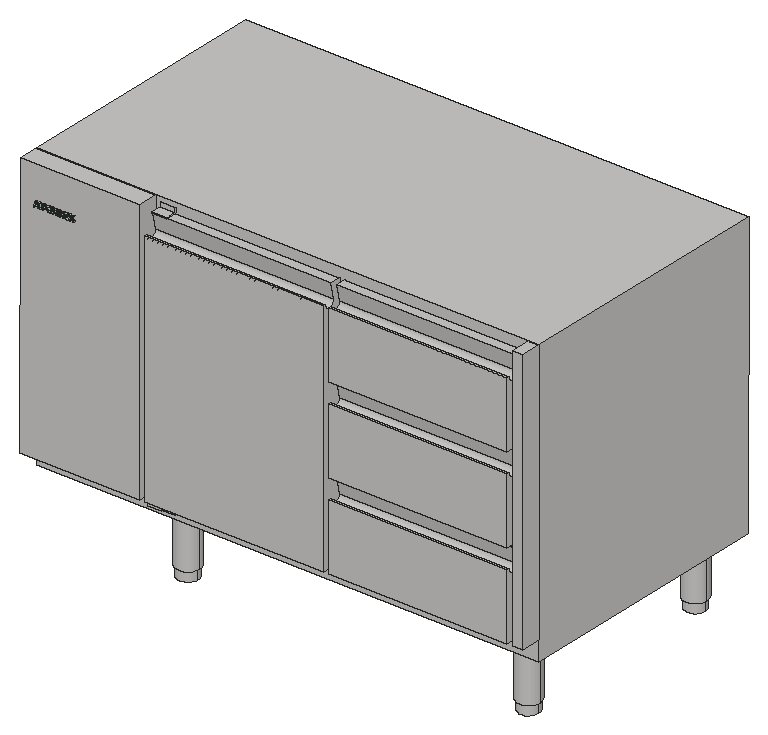
Revit family "QF_ALPENINOX_721024_AK2R7AC", category Attrezzature speciali, Revit 2018 (continued)
Definition of nested family "HPC_APX_BI_TN_L"
  Lines and regions (mm)
    Split face 120
      outline origin (110, -951.3, 50) x (1, 0, 0) y (0, 1, 0)
        loop
          arc (-176.464, 599.474) -> (-172.464, 603.474) -> (-176.464, 607.474) r 4
          line (-176.464, 607.474) -> (-218.464, 607.474)
    Split face 121
      outline origin (220, -951.3, 50) x (1, 0, 0) y (0, 1, 0)
        loop
          arc (-273.464, 607.474) -> (-277.464, 603.474) -> (-273.464, 599.474) r 4
          line (-273.464, 599.474) -> (-231.464, 599.474)
          arc (-231.464, 599.474) -> (-227.464, 603.474) -> (-231.464, 607.474) r 4
          line (-231.464, 607.474) -> (-273.464, 607.474)
    Split face 122
      outline origin (0, -975.3, 50) x (1, 0, 0) y (0, 1, 0)
        loop
          arc (-163.464, 619.474) -> (-167.464, 615.474) -> (-163.464, 611.474) r 4
          line (-163.464, 611.474) -> (-121.464, 611.474)
          arc (-121.464, 611.474) -> (-117.464, 615.474) -> (-121.464, 619.474) r 4
          line (-121.464, 619.474) -> (-163.464, 619.474)
    Split face 123
      outline origin (330, -975.3, 50) x (1, 0, 0) y (0, 1, 0)
        loop
          arc (-328.464, 619.474) -> (-332.464, 615.474) -> (-328.464, 611.474) r 4
          line (-328.464, 611.474) -> (-286.464, 611.474)
          arc (-286.464, 611.474) -> (-282.464, 615.474) -> (-286.464, 619.474) r 4
          line (-286.464, 619.474) -> (-328.464, 619.474)
    Split face 124
      outline origin (110, -975.3, 50) x (1, 0, 0) y (0, 1, 0)
        loop
          arc (-218.464, 619.474) -> (-222.464, 615.474) -> (-218.464, 611.474) r 4
          line (-218.464, 611.474) -> (-176.464, 611.474)
          arc (-176.464, 611.474) -> (-172.464, 615.474) -> (-176.464, 619.474) r 4
          line (-176.464, 619.474) -> (-218.464, 619.474)
    Split face 125
      outline origin (220, -975.3, 50) x (1, 0, 0) y (0, 1, 0)
        loop
          arc (-273.464, 619.474) -> (-277.464, 615.474) -> (-273.464, 611.474) r 4
          line (-273.464, 611.474) -> (-231.464, 611.474)
          arc (-231.464, 611.474) -> (-227.464, 615.474) -> (-231.464, 619.474) r 4
          line (-231.464, 619.474) -> (-273.464, 619.474)
    Split face 126
      outline origin (0, -999.3, 50) x (1, 0, 0) y (0, 1, 0)
        loop
          arc (-163.464, 631.474) -> (-167.464, 627.474) -> (-163.464, 623.474) r 4
          line (-163.464, 623.474) -> (-121.464, 623.474)
          arc (-121.464, 623.474) -> (-117.464, 627.474) -> (-121.464, 631.474) r 4
          line (-121.464, 631.474) -> (-163.464, 631.474)
    Split face 127
      outline origin (330, -999.3, 50) x (1, 0, 0) y (0, 1, 0)
        loop
          arc (-328.464, 631.474) -> (-332.464, 627.474) -> (-328.464, 623.474) r 4
          line (-328.464, 623.474) -> (-286.464, 623.474)
          arc (-286.464, 623.474) -> (-282.464, 627.474) -> (-286.464, 631.474) r 4
          line (-286.464, 631.474) -> (-328.464, 631.474)
    Split face 128
      outline origin (110, -999.3, 50) x (1, 0, 0) y (0, 1, 0)
        loop
          arc (-218.464, 631.474) -> (-222.464, 627.474) -> (-218.464, 623.474) r 4
          line (-218.464, 623.474) -> (-176.464, 623.474)
          arc (-176.464, 623.474) -> (-172.464, 627.474) -> (-176.464, 631.474) r 4
          line (-176.464, 631.474) -> (-218.464, 631.474)
    Split face 129
      outline origin (220, -999.3, 50) x (1, 0, 0) y (0, 1, 0)
        loop
          arc (-273.464, 631.474) -> (-277.464, 627.474) -> (-273.464, 623.474) r 4
          line (-273.464, 623.474) -> (-231.464, 623.474)
          arc (-231.464, 623.474) -> (-227.464, 627.474) -> (-231.464, 631.474) r 4
          line (-231.464, 631.474) -> (-273.464, 631.474)
    Split face 130
      outline origin (0, -1023.3, 50) x (1, 0, 0) y (0, 1, 0)
        loop
          arc (-163.464, 643.474) -> (-167.464, 639.474) -> (-163.464, 635.474) r 4
          line (-163.464, 635.474) -> (-121.464, 635.474)
          arc (-121.464, 635.474) -> (-117.464, 639.474) -> (-121.464, 643.474) r 4
          line (-121.464, 643.474) -> (-163.464, 643.474)
    Split face 131
      outline origin (330, -1023.3, 50) x (1, 0, 0) y (0, 1, 0)
        loop
          arc (-328.464, 643.474) -> (-332.464, 639.474) -> (-328.464, 635.474) r 4
          line (-328.464, 635.474) -> (-286.464, 635.474)
          arc (-286.464, 635.474) -> (-282.464, 639.474) -> (-286.464, 643.474) r 4
          line (-286.464, 643.474) -> (-328.464, 643.474)
    Split face 132
      outline origin (110, -1023.3, 50) x (1, 0, 0) y (0, 1, 0)
        loop
          arc (-218.464, 643.474) -> (-222.464, 639.474) -> (-218.464, 635.474) r 4
          line (-218.464, 635.474) -> (-176.464, 635.474)
          arc (-176.464, 635.474) -> (-172.464, 639.474) -> (-176.464, 643.474) r 4
          line (-176.464, 643.474) -> (-218.464, 643.474)
    Split face 133
      outline origin (220, -1023.3, 50) x (1, 0, 0) y (0, 1, 0)
        loop
          arc (-273.464, 643.474) -> (-277.464, 639.474) -> (-273.464, 635.474) r 4
          line (-273.464, 635.474) -> (-231.464, 635.474)
          arc (-231.464, 635.474) -> (-227.464, 639.474) -> (-231.464, 643.474) r 4
          line (-231.464, 643.474) -> (-273.464, 643.474)
    symbolic lines
      curve 1: line (87.08, -74, 50) -> (87.08, -74, 0)
  Dimensions and locks
    equal spacing: plane 6, plane 1 "Center (Front/Back)", plane 7
    equal spacing: plane 4, plane 3 "Center (Left/Right)", plane 5
    aligned and locked: plane 2 to Extrusion 1
    aligned and locked: level to Extrusion 1
  Automatic sketch dimensions
    Split face 5 sketch curve to Split face 5 sketch curve = 42 mm
    Split face 5 sketch curve to Split face 5 sketch curve = 4 mm
    Split face 6 sketch curve to Split face 6 sketch curve = 42 mm
    Split face 6 sketch curve to Split face 6 sketch curve = 4 mm
    Split face 7 sketch curve to Split face 7 sketch curve = 42 mm
    Split face 7 sketch curve to Split face 7 sketch curve = 4 mm
    Split face 8 sketch curve to Split face 8 sketch curve = 42 mm
    Split face 8 sketch curve to Split face 8 sketch curve = 4 mm
    Split face 9 sketch curve to Split face 9 sketch curve = 42 mm
    Split face 9 sketch curve to Split face 9 sketch curve = 4 mm
    Split face 10 sketch curve to Split face 10 sketch curve = 42 mm
    Split face 10 sketch curve to Split face 10 sketch curve = 4 mm
    Split face 11 sketch curve to Split face 11 sketch curve = 42 mm
    Split face 11 sketch curve to Split face 11 sketch curve = 4 mm
    Split face 12 sketch curve to Split face 12 sketch curve = 42 mm
    Split face 12 sketch curve to Split face 12 sketch curve = 4 mm
    Split face 13 sketch curve to Split face 13 sketch curve = 42 mm
    Split face 13 sketch curve to Split face 13 sketch curve = 4 mm
    Split face 14 sketch curve to Split face 14 sketch curve = 42 mm
    Split face 14 sketch curve to Split face 14 sketch curve = 4 mm
    Split face 15 sketch curve to Split face 15 sketch curve = 42 mm
    Split face 15 sketch curve to Split face 15 sketch curve = 4 mm
    Split face 16 sketch curve to Split face 16 sketch curve = 42 mm
    Split face 16 sketch curve to Split face 16 sketch curve = 4 mm
    Split face 17 sketch curve to Split face 17 sketch curve = 42 mm
    Split face 17 sketch curve to Split face 17 sketch curve = 4 mm
    Split face 18 sketch curve to Split face 18 sketch curve = 42 mm
    Split face 18 sketch curve to Split face 18 sketch curve = 4 mm
    Split face 19 sketch curve to Split face 19 sketch curve = 42 mm
    Split face 19 sketch curve to Split face 19 sketch curve = 4 mm
    Split face 20 sketch curve to Split face 20 sketch curve = 42 mm
    Split face 20 sketch curve to Split face 20 sketch curve = 4 mm
    Split face 21 sketch curve to Split face 21 sketch curve = 42 mm
    Split face 21 sketch curve to Split face 21 sketch curve = 4 mm
    Split face 22 sketch curve to Split face 22 sketch curve = 42 mm
    Split face 22 sketch curve to Split face 22 sketch curve = 4 mm
    Split face 23 sketch curve to Split face 23 sketch curve = 42 mm
    Split face 23 sketch curve to Split face 23 sketch curve = 4 mm
    Split face 24 sketch curve to Split face 24 sketch curve = 42 mm
    Split face 24 sketch curve to Split face 24 sketch curve = 4 mm
    Split face 25 sketch curve to Split face 25 sketch curve = 42 mm
    Split face 25 sketch curve to Split face 25 sketch curve = 4 mm
    Split face 26 sketch curve to Split face 26 sketch curve = 42 mm
    Split face 26 sketch curve to Split face 26 sketch curve = 4 mm
    Split face 27 sketch curve to Split face 27 sketch curve = 42 mm
    Split face 27 sketch curve to Split face 27 sketch curve = 4 mm
    Split face 28 sketch curve to Split face 28 sketch curve = 42 mm
    Split face 28 sketch curve to Split face 28 sketch curve = 4 mm
    Split face 29 sketch curve to Split face 29 sketch curve = 42 mm
    Split face 29 sketch curve to Split face 29 sketch curve = 4 mm
    Split face 30 sketch curve to Split face 30 sketch curve = 42 mm
    Split face 30 sketch curve to Split face 30 sketch curve = 4 mm
    Split face 31 sketch curve to Split face 31 sketch curve = 42 mm
    Split face 31 sketch curve to Split face 31 sketch curve = 4 mm
    Split face 32 sketch curve to Split face 32 sketch curve = 42 mm
    Split face 32 sketch curve to Split face 32 sketch curve = 4 mm
    Split face 33 sketch curve to Split face 33 sketch curve = 42 mm
    Split face 33 sketch curve to Split face 33 sketch curve = 4 mm
    Split face 34 sketch curve to Split face 34 sketch curve = 42 mm
    Split face 34 sketch curve to Split face 34 sketch curve = 4 mm
    Split face 35 sketch curve to Split face 35 sketch curve = 42 mm
    Split face 35 sketch curve to Split face 35 sketch curve = 4 mm
    Split face 36 sketch curve to Split face 36 sketch curve = 42 mm
    Split face 36 sketch curve to Split face 36 sketch curve = 4 mm
    Split face 37 sketch curve to Split face 37 sketch curve = 42 mm
    Split face 37 sketch curve to Split face 37 sketch curve = 4 mm
    Split face 38 sketch curve to Split face 38 sketch curve = 42 mm
    Split face 38 sketch curve to Split face 38 sketch curve = 4 mm
    Split face 39 sketch curve to Split face 39 sketch curve = 42 mm
    Split face 39 sketch curve to Split face 39 sketch curve = 4 mm
    Split face 40 sketch curve to Split face 40 sketch curve = 42 mm
    Split face 40 sketch curve to Split face 40 sketch curve = 4 mm
    Split face 41 sketch curve to Split face 41 sketch curve = 42 mm
    Split face 41 sketch curve to Split face 41 sketch curve = 4 mm
    Split face 42 sketch curve to Split face 42 sketch curve = 42 mm
    Split face 42 sketch curve to Split face 42 sketch curve = 4 mm
    Split face 43 sketch curve to Split face 43 sketch curve = 42 mm
    Split face 43 sketch curve to Split face 43 sketch curve = 4 mm
    Split face 44 sketch curve to Split face 44 sketch curve = 42 mm
    Split face 44 sketch curve to Split face 44 sketch curve = 4 mm
    Split face 45 sketch curve to Split face 45 sketch curve = 42 mm
    Split face 45 sketch curve to Split face 45 sketch curve = 4 mm
    Split face 46 sketch curve to Split face 46 sketch curve = 42 mm
    Split face 46 sketch curve to Split face 46 sketch curve = 4 mm
    Split face 47 sketch curve to Split face 47 sketch curve = 42 mm
    Split face 47 sketch curve to Split face 47 sketch curve = 4 mm
    Split face 48 sketch curve to Split face 48 sketch curve = 42 mm
    Split face 48 sketch curve to Split face 48 sketch curve = 4 mm
    Split face 49 sketch curve to Split face 49 sketch curve = 42 mm
    Split face 49 sketch curve to Split face 49 sketch curve = 4 mm
    Split face 50 sketch curve to Split face 50 sketch curve = 42 mm
    Split face 50 sketch curve to Split face 50 sketch curve = 4 mm
    Split face 51 sketch curve to Split face 51 sketch curve = 42 mm
    Split face 51 sketch curve to Split face 51 sketch curve = 4 mm
    Split face 52 sketch curve to Split face 52 sketch curve = 42 mm
    Split face 52 sketch curve to Split face 52 sketch curve = 4 mm
    Split face 53 sketch curve to Split face 53 sketch curve = 42 mm
    Split face 53 sketch curve to Split face 53 sketch curve = 4 mm
    Split face 54 sketch curve to Split face 54 sketch curve = 42 mm
    Split face 54 sketch curve to Split face 54 sketch curve = 4 mm
    Split face 55 sketch curve to Split face 55 sketch curve = 42 mm
    Split face 55 sketch curve to Split face 55 sketch curve = 4 mm
    Split face 56 sketch curve to Split face 56 sketch curve = 42 mm
    Split face 56 sketch curve to Split face 56 sketch curve = 4 mm
    Split face 57 sketch curve to Split face 57 sketch curve = 42 mm
    Split face 57 sketch curve to Split face 57 sketch curve = 4 mm
    Split face 58 sketch curve to Split face 58 sketch curve = 42 mm
    Split face 58 sketch curve to Split face 58 sketch curve = 4 mm
    Split face 59 sketch curve to Split face 59 sketch curve = 42 mm
    Split face 59 sketch curve to Split face 59 sketch curve = 4 mm
    Split face 60 sketch curve to Split face 60 sketch curve = 42 mm
    Split face 60 sketch curve to Split face 60 sketch curve = 4 mm
    Split face 61 sketch curve to Split face 61 sketch curve = 42 mm
    Split face 61 sketch curve to Split face 61 sketch curve = 4 mm
    Split face 62 sketch curve to Split face 62 sketch curve = 42 mm
    Split face 62 sketch curve to Split face 62 sketch curve = 4 mm
    Split face 63 sketch curve to Split face 63 sketch curve = 42 mm
    Split face 63 sketch curve to Split face 63 sketch curve = 4 mm
    Split face 64 sketch curve to Split face 64 sketch curve = 42 mm
    Split face 64 sketch curve to Split face 64 sketch curve = 4 mm
    Split face 65 sketch curve to Split face 65 sketch curve = 42 mm
    Split face 65 sketch curve to Split face 65 sketch curve = 4 mm
    Split face 66 sketch curve to Split face 66 sketch curve = 42 mm
    Split face 66 sketch curve to Split face 66 sketch curve = 4 mm
    Split face 67 sketch curve to Split face 67 sketch curve = 42 mm
    Split face 67 sketch curve to Split face 67 sketch curve = 4 mm
    Split face 68 sketch curve to Split face 68 sketch curve = 42 mm
    Split face 68 sketch curve to Split face 68 sketch curve = 4 mm
    Split face 70 sketch curve to Split face 70 sketch curve = 42 mm
    Split face 70 sketch curve to Split face 70 sketch curve = 4 mm
    Split face 71 sketch curve to Split face 71 sketch curve = 42 mm
    Split face 71 sketch curve to Split face 71 sketch curve = 4 mm
    Split face 72 sketch curve to Split face 72 sketch curve = 42 mm
    Split face 72 sketch curve to Split face 72 sketch curve = 4 mm
    Split face 73 sketch curve to Split face 73 sketch curve = 42 mm
    Split face 73 sketch curve to Split face 73 sketch curve = 4 mm
    Split face 74 sketch curve to Split face 74 sketch curve = 42 mm
    Split face 74 sketch curve to Split face 74 sketch curve = 4 mm
    Split face 75 sketch curve to Split face 75 sketch curve = 42 mm
    Split face 75 sketch curve to Split face 75 sketch curve = 4 mm
    Split face 76 sketch curve to Split face 76 sketch curve = 42 mm
    Split face 76 sketch curve to Split face 76 sketch curve = 4 mm
    Split face 77 sketch curve to Split face 77 sketch curve = 42 mm
    Split face 77 sketch curve to Split face 77 sketch curve = 4 mm
    Split face 78 sketch curve to Split face 78 sketch curve = 42 mm
    Split face 78 sketch curve to Split face 78 sketch curve = 4 mm
    Split face 79 sketch curve to Split face 79 sketch curve = 42 mm
    Split face 79 sketch curve to Split face 79 sketch curve = 4 mm
    Split face 80 sketch curve to Split face 80 sketch curve = 42 mm
    Split face 80 sketch curve to Split face 80 sketch curve = 4 mm
    Split face 81 sketch curve to Split face 81 sketch curve = 42 mm
    Split face 81 sketch curve to Split face 81 sketch curve = 4 mm
    Split face 82 sketch curve to Split face 82 sketch curve = 42 mm
    Split face 82 sketch curve to Split face 82 sketch curve = 4 mm
    Split face 83 sketch curve to Split face 83 sketch curve = 42 mm
    Split face 83 sketch curve to Split face 83 sketch curve = 4 mm
    Split face 84 sketch curve to Split face 84 sketch curve = 42 mm
    Split face 84 sketch curve to Split face 84 sketch curve = 4 mm
    Split face 85 sketch curve to Split face 85 sketch curve = 42 mm
    Split face 85 sketch curve to Split face 85 sketch curve = 4 mm
    Split face 86 sketch curve to Split face 86 sketch curve = 42 mm
    Split face 86 sketch curve to Split face 86 sketch curve = 4 mm
    Split face 87 sketch curve to Split face 87 sketch curve = 42 mm
    Split face 87 sketch curve to Split face 87 sketch curve = 4 mm
    Split face 88 sketch curve to Split face 88 sketch curve = 42 mm
    Split face 88 sketch curve to Split face 88 sketch curve = 4 mm
    Split face 89 sketch curve to Split face 89 sketch curve = 42 mm
    Split face 89 sketch curve to Split face 89 sketch curve = 4 mm
    Split face 90 sketch curve to Split face 90 sketch curve = 42 mm
    Split face 90 sketch curve to Split face 90 sketch curve = 4 mm
    Split face 91 sketch curve to Split face 91 sketch curve = 42 mm
    Split face 91 sketch curve to Split face 91 sketch curve = 4 mm
    Split face 92 sketch curve to Split face 92 sketch curve = 42 mm
    Split face 92 sketch curve to Split face 92 sketch curve = 4 mm
    Split face 93 sketch curve to Split face 93 sketch curve = 42 mm
    Split face 93 sketch curve to Split face 93 sketch curve = 4 mm
    Split face 94 sketch curve to Split face 94 sketch curve = 42 mm
    Split face 94 sketch curve to Split face 94 sketch curve = 4 mm
    Split face 95 sketch curve to Split face 95 sketch curve = 42 mm
    Split face 95 sketch curve to Split face 95 sketch curve = 4 mm
    Split face 96 sketch curve to Split face 96 sketch curve = 42 mm
    Split face 96 sketch curve to Split face 96 sketch curve = 4 mm
    Split face 97 sketch curve to Split face 97 sketch curve = 42 mm
    Split face 97 sketch curve to Split face 97 sketch curve = 4 mm
    Split face 98 sketch curve to Split face 98 sketch curve = 42 mm
    Split face 98 sketch curve to Split face 98 sketch curve = 4 mm
    Split face 99 sketch curve to Split face 99 sketch curve = 42 mm
    Split face 99 sketch curve to Split face 99 sketch curve = 4 mm
    Split face 100 sketch curve to Split face 100 sketch curve = 42 mm
    Split face 100 sketch curve to Split face 100 sketch curve = 4 mm
    Split face 101 sketch curve to Split face 101 sketch curve = 42 mm
    Split face 101 sketch curve to Split face 101 sketch curve = 4 mm
    Split face 102 sketch curve to Split face 102 sketch curve = 42 mm
    Split face 102 sketch curve to Split face 102 sketch curve = 4 mm
    Split face 103 sketch curve to Split face 103 sketch curve = 42 mm
    Split face 103 sketch curve to Split face 103 sketch curve = 4 mm
    Split face 104 sketch curve to Split face 104 sketch curve = 42 mm
    Split face 104 sketch curve to Split face 104 sketch curve = 4 mm
    Split face 105 sketch curve to Split face 105 sketch curve = 42 mm
    Split face 105 sketch curve to Split face 105 sketch curve = 4 mm
    Split face 106 sketch curve to Split face 106 sketch curve = 42 mm
    Split face 106 sketch curve to Split face 106 sketch curve = 4 mm
    Split face 107 sketch curve to Split face 107 sketch curve = 42 mm
    Split face 107 sketch curve to Split face 107 sketch curve = 4 mm
    Split face 108 sketch curve to Split face 108 sketch curve = 42 mm
    Split face 108 sketch curve to Split face 108 sketch curve = 4 mm
    Split face 109 sketch curve to Split face 109 sketch curve = 42 mm
    Split face 109 sketch curve to Split face 109 sketch curve = 4 mm
    Split face 110 sketch curve to Split face 110 sketch curve = 42 mm
    Split face 110 sketch curve to Split face 110 sketch curve = 4 mm
    Split face 111 sketch curve to Split face 111 sketch curve = 42 mm
    Split face 111 sketch curve to Split face 111 sketch curve = 4 mm
    Split face 112 sketch curve to Split face 112 sketch curve = 42 mm
    Split face 112 sketch curve to Split face 112 sketch curve = 4 mm
    Split face 113 sketch curve to Split face 113 sketch curve = 42 mm
    Split face 113 sketch curve to Split face 113 sketch curve = 4 mm
    Split face 114 sketch curve to Split face 114 sketch curve = 42 mm
    Split face 114 sketch curve to Split face 114 sketch curve = 4 mm
    Split face 115 sketch curve to Split face 115 sketch curve = 42 mm
    Split face 115 sketch curve to Split face 115 sketch curve = 4 mm
    Split face 116 sketch curve to Split face 116 sketch curve = 42 mm
    Split face 116 sketch curve to Split face 116 sketch curve = 4 mm
    Split face 117 sketch curve to Split face 117 sketch curve = 42 mm
    Split face 117 sketch curve to Split face 117 sketch curve = 4 mm
    Split face 118 sketch curve to Split face 118 sketch curve = 42 mm
    Split face 118 sketch curve to Split face 118 sketch curve = 4 mm
    Split face 119 sketch curve to Split face 119 sketch curve = 42 mm
    Split face 119 sketch curve to Split face 119 sketch curve = 4 mm
    Split face 120 sketch curve to Split face 120 sketch curve = 42 mm
    Split face 120 sketch curve to Split face 120 sketch curve = 4 mm
    Split face 121 sketch curve to Split face 121 sketch curve = 42 mm
    Split face 121 sketch curve to Split face 121 sketch curve = 4 mm
    Split face 122 sketch curve to Split face 122 sketch curve = 42 mm
    Split face 122 sketch curve to Split face 122 sketch curve = 4 mm
    Split face 123 sketch curve to Split face 123 sketch curve = 42 mm
    Split face 123 sketch curve to Split face 123 sketch curve = 4 mm
    Split face 124 sketch curve to Split face 124 sketch curve = 42 mm
    Split face 124 sketch curve to Split face 124 sketch curve = 4 mm
    Split face 125 sketch curve to Split face 125 sketch curve = 42 mm
    Split face 125 sketch curve to Split face 125 sketch curve = 4 mm
    Split face 126 sketch curve to Split face 126 sketch curve = 42 mm
    Split face 126 sketch curve to Split face 126 sketch curve = 4 mm
    Split face 127 sketch curve to Split face 127 sketch curve = 42 mm
    Split face 127 sketch curve to Split face 127 sketch curve = 4 mm
    Split face 128 sketch curve to Split face 128 sketch curve = 42 mm
    Split face 128 sketch curve to Split face 128 sketch curve = 4 mm
    Split face 129 sketch curve to Split face 129 sketch curve = 42 mm
    Split face 129 sketch curve to Split face 129 sketch curve = 4 mm
    Split face 130 sketch curve to Split face 130 sketch curve = 42 mm
    Split face 130 sketch curve to Split face 130 sketch curve = 4 mm
    Split face 131 sketch curve to Split face 131 sketch curve = 42 mm
    Split face 131 sketch curve to Split face 131 sketch curve = 4 mm
    Split face 132 sketch curve to Split face 132 sketch curve = 42 mm
    Split face 132 sketch curve to Split face 132 sketch curve = 4 mm
    Split face 133 sketch curve to Split face 133 sketch curve = 42 mm
    Split face 133 sketch curve to Split face 133 sketch curve = 4 mm
    Extrusion 1 sketch curve to Extrusion 1 sketch curve = 2438.4 mm  (x2)
    Extrusion 2 sketch curve to plane 4 = 0 mm
    Extrusion 2 sketch curve to plane 5 = 0 mm
    Extrusion 2 sketch curve to plane 7 = 0 mm
    Extrusion 2 sketch curve to plane 6 = 0 mm
    Split face 1 sketch curve to Extrusion 2 = 0 mm  (x2)
    Split face 1 sketch curve to Extrusion 2 = 34 mm
    Split face 1 sketch curve to Extrusion 2 = 104 mm
    Split face 1 sketch curve to Split face 1 sketch curve = 17.5 mm
    Split face 2 sketch curve to Extrusion 2 = 130.5 mm
    Split face 2 sketch curve to Extrusion 2 = 60.5 mm
    Split face 2 sketch curve to Extrusion 2 = 98 mm
    Split face 2 sketch curve to Split face 2 sketch curve = 23 mm
    Split face 3 sketch curve to Extrusion 2 = 80.5 mm
    Split face 3 sketch curve to Split face 3 sketch curve = 17 mm  (x2)
    Split face 3 sketch curve to Extrusion 2 = 95 mm
    plane 4 to Extrusion 3 sketch curve = 34.51 mm
    Extrusion 3 sketch curve to Extrusion 3 sketch curve = 1.266 mm
    Extrusion 3 sketch curve to Extrusion 3 sketch curve = 1.307 mm
    Extrusion 3 sketch curve to Extrusion 3 sketch curve = 0.57 mm
    Extrusion 3 sketch curve to Extrusion 3 sketch curve = 0.593 mm
    Extrusion 3 sketch curve to Extrusion 3 sketch curve = 0.799 mm
    Extrusion 3 sketch curve to Extrusion 3 sketch curve = 1.99 mm  (x2)
    Extrusion 3 sketch curve to Extrusion 3 sketch curve = 0.003 mm
    Extrusion 3 sketch curve to Extrusion 3 sketch curve = 3.534 mm
    Extrusion 3 sketch curve to Extrusion 3 sketch curve = 0.835 mm
    Extrusion 3 sketch curve to Extrusion 3 sketch curve = 0.56 mm
    Extrusion 3 sketch curve to Extrusion 3 sketch curve = 1.268 mm
    Extrusion 3 sketch curve to Extrusion 3 sketch curve = 1.223 mm
    Extrusion 3 sketch curve to Extrusion 3 sketch curve = 1.344 mm
    Extrusion 3 sketch curve to Extrusion 3 sketch curve = 1.394 mm  (x2)
    Extrusion 3 sketch curve to Extrusion 3 sketch curve = 1.512 mm
    Extrusion 3 sketch curve to Extrusion 3 sketch curve = 3.309 mm
    Extrusion 3 sketch curve to Extrusion 3 sketch curve = 5.841 mm
    Extrusion 3 sketch curve to Extrusion 3 sketch curve = 1.393 mm
    Extrusion 3 sketch curve to Extrusion 3 sketch curve = 1.439 mm
    Extrusion 3 sketch curve to Extrusion 3 sketch curve = 0 mm  (x19)
    Extrusion 3 sketch curve to Extrusion 3 sketch curve = 1.902 mm
    Extrusion 3 sketch curve to Extrusion 3 sketch curve = 0.052 mm
    Extrusion 3 sketch curve to Extrusion 3 sketch curve = 2.065 mm
    Extrusion 3 sketch curve to Extrusion 3 sketch curve = 0.647 mm
    Extrusion 3 sketch curve to Extrusion 3 sketch curve = 8.079 mm
    Extrusion 3 sketch curve to Extrusion 3 sketch curve = 0.073 mm
    Extrusion 3 sketch curve to Extrusion 3 sketch curve = 2.145 mm
    Extrusion 3 sketch curve to Extrusion 3 sketch curve = 2.931 mm
    Extrusion 3 sketch curve to Extrusion 3 sketch curve = 0.213 mm
    Extrusion 3 sketch curve to Extrusion 3 sketch curve = 0.026 mm
    Extrusion 3 sketch curve to Extrusion 3 sketch curve = 0.263 mm
    Extrusion 3 sketch curve to Extrusion 3 sketch curve = 0.516 mm
    Extrusion 3 sketch curve to Extrusion 3 sketch curve = 0.356 mm
    Extrusion 3 sketch curve to Extrusion 3 sketch curve = 0.387 mm
    Extrusion 3 sketch curve to Extrusion 3 sketch curve = 2.378 mm
    Extrusion 3 sketch curve to Extrusion 3 sketch curve = 2.466 mm
    Extrusion 3 sketch curve to Extrusion 3 sketch curve = 0.602 mm
    Extrusion 3 sketch curve to Extrusion 3 sketch curve = 1.02 mm
    Extrusion 3 sketch curve to Extrusion 3 sketch curve = 0.949 mm
    Extrusion 3 sketch curve to Extrusion 3 sketch curve = 1.728 mm
    Extrusion 3 sketch curve to Extrusion 3 sketch curve = 0.157 mm  (x2)
    Extrusion 3 sketch curve to Extrusion 3 sketch curve = 0.292 mm
    Extrusion 3 sketch curve to Extrusion 3 sketch curve = 3.565 mm
    Extrusion 3 sketch curve to Extrusion 3 sketch curve = 1.396 mm  (x2)
    Extrusion 3 sketch curve to Extrusion 3 sketch curve = 1.418 mm  (x2)
    Extrusion 3 sketch curve to Extrusion 3 sketch curve = 1.151 mm  (x2)
    Extrusion 3 sketch curve to Extrusion 3 sketch curve = 5.709 mm  (x2)
    Extrusion 3 sketch curve to Extrusion 3 sketch curve = 0.224 mm  (x2)
    Extrusion 3 sketch curve to Extrusion 3 sketch curve = 1.149 mm  (x2)
    Extrusion 3 sketch curve to Extrusion 3 sketch curve = 1.395 mm  (x2)
    Extrusion 3 sketch curve to Extrusion 3 sketch curve = 1.744 mm
    Extrusion 3 sketch curve to Extrusion 3 sketch curve = 1.745 mm
    Extrusion 3 sketch curve to Extrusion 3 sketch curve = 6.963 mm
    Extrusion 3 sketch curve to Extrusion 3 sketch curve = 0.493 mm  (x3)
    Extrusion 3 sketch curve to Extrusion 3 sketch curve = 0.273 mm  (x2)
    Extrusion 3 sketch curve to Extrusion 3 sketch curve = 0.021 mm  (x2)
    Extrusion 3 sketch curve to Extrusion 3 sketch curve = 0.226 mm  (x2)
    Extrusion 3 sketch curve to Extrusion 3 sketch curve = 0.268 mm  (x2)
    Extrusion 3 sketch curve to Extrusion 3 sketch curve = 0.294 mm
    Extrusion 3 sketch curve to Extrusion 3 sketch curve = 5.238 mm
    Extrusion 3 sketch curve to Extrusion 3 sketch curve = 5.908 mm
    Extrusion 3 sketch curve to Extrusion 3 sketch curve = 1.109 mm  (x2)
    Extrusion 3 sketch curve to Extrusion 3 sketch curve = 1.108 mm  (x2)
    Extrusion 3 sketch curve to Extrusion 3 sketch curve = 1.142 mm  (x2)
    Extrusion 3 sketch curve to Extrusion 3 sketch curve = 1.216 mm  (x2)
    Extrusion 3 sketch curve to Extrusion 3 sketch curve = 3.013 mm
    Extrusion 3 sketch curve to Extrusion 3 sketch curve = 1.616 mm  (x3)
    Extrusion 3 sketch curve to Extrusion 3 sketch curve = 2.305 mm
    Extrusion 3 sketch curve to Extrusion 3 sketch curve = 3.049 mm
    Extrusion 3 sketch curve to plane 6 = 93.469 mm
    Extrusion 3 sketch curve to Extrusion 3 sketch curve = 0.498 mm
    Extrusion 3 sketch curve to Extrusion 3 sketch curve = 0.682 mm
    Extrusion 3 sketch curve to Extrusion 3 sketch curve = 0.664 mm
    Extrusion 3 sketch curve to Extrusion 3 sketch curve = 0.425 mm
    Extrusion 3 sketch curve to Extrusion 3 sketch curve = 0.41 mm
    Extrusion 3 sketch curve to Extrusion 3 sketch curve = 1.272 mm
    Extrusion 3 sketch curve to Extrusion 3 sketch curve = 0.789 mm  (x2)
    Extrusion 3 sketch curve to Extrusion 3 sketch curve = 0.056 mm
    Extrusion 3 sketch curve to Extrusion 3 sketch curve = 0.83 mm
    Extrusion 3 sketch curve to Extrusion 3 sketch curve = 1.238 mm
    Extrusion 3 sketch curve to Extrusion 3 sketch curve = 1.732 mm
    Extrusion 3 sketch curve to Extrusion 3 sketch curve = 0.346 mm
    Extrusion 3 sketch curve to Extrusion 3 sketch curve = 1.123 mm
    Extrusion 3 sketch curve to Extrusion 3 sketch curve = 3.023 mm
    Extrusion 3 sketch curve to Extrusion 3 sketch curve = 4.203 mm
    Extrusion 3 sketch curve to Extrusion 3 sketch curve = 3.452 mm  (x2)
    Extrusion 3 sketch curve to Extrusion 3 sketch curve = 2.544 mm
    Extrusion 3 sketch curve to Extrusion 3 sketch curve = 1.177 mm
    Extrusion 3 sketch curve to Extrusion 3 sketch curve = 3.261 mm
    Extrusion 3 sketch curve to Extrusion 3 sketch curve = 0.352 mm  (x2)
    Extrusion 3 sketch curve to Extrusion 3 sketch curve = 1.987 mm
    Extrusion 3 sketch curve to Extrusion 3 sketch curve = 0.171 mm
    Extrusion 3 sketch curve to Extrusion 3 sketch curve = 0.533 mm  (x3)
    Extrusion 3 sketch curve to Extrusion 3 sketch curve = 0.14 mm  (x4)
    Extrusion 3 sketch curve to Extrusion 3 sketch curve = 0.473 mm
    Extrusion 3 sketch curve to Extrusion 3 sketch curve = 0.31 mm  (x2)
    Extrusion 3 sketch curve to Extrusion 3 sketch curve = 0.075 mm
    Extrusion 3 sketch curve to Extrusion 3 sketch curve = 2.431 mm
    Extrusion 3 sketch curve to Extrusion 3 sketch curve = 2.32 mm  (x2)
    Extrusion 3 sketch curve to Extrusion 3 sketch curve = 1.992 mm
    Extrusion 3 sketch curve to Extrusion 3 sketch curve = 0.674 mm
    Extrusion 3 sketch curve to Extrusion 3 sketch curve = 0.732 mm
    Extrusion 3 sketch curve to Extrusion 3 sketch curve = 0.388 mm
    Extrusion 3 sketch curve to Extrusion 3 sketch curve = 0.121 mm
    Extrusion 3 sketch curve to Extrusion 3 sketch curve = 2.589 mm
    Extrusion 3 sketch curve to Extrusion 3 sketch curve = 0.662 mm
    Extrusion 3 sketch curve to Extrusion 3 sketch curve = 3.473 mm
    Extrusion 3 sketch curve to Extrusion 3 sketch curve = 0.681 mm
    Extrusion 3 sketch curve to Extrusion 3 sketch curve = 1.615 mm
    Extrusion 3 sketch curve to Extrusion 3 sketch curve = 0.34 mm
    Extrusion 3 sketch curve to Extrusion 3 sketch curve = 2.288 mm
    Extrusion 3 sketch curve to Extrusion 3 sketch curve = 0.942 mm
    Extrusion 3 sketch curve to Extrusion 3 sketch curve = 5.4 mm
    Extrusion 3 sketch curve to Extrusion 3 sketch curve = 1.768 mm  (x2)
    Extrusion 3 sketch curve to Extrusion 3 sketch curve = 0.761 mm
    Extrusion 3 sketch curve to Extrusion 3 sketch curve = 0.996 mm
    Extrusion 3 sketch curve to Extrusion 3 sketch curve = 3.543 mm  (x2)
    Extrusion 3 sketch curve to Extrusion 3 sketch curve = 7.017 mm
    Extrusion 3 sketch curve to Extrusion 3 sketch curve = 0.11 mm
    Extrusion 3 sketch curve to Extrusion 3 sketch curve = 0.823 mm  (x2)
    Extrusion 3 sketch curve to Extrusion 3 sketch curve = 0.947 mm
    Extrusion 3 sketch curve to Extrusion 3 sketch curve = 3.837 mm
    Extrusion 3 sketch curve to Extrusion 3 sketch curve = 0.623 mm
    Extrusion 3 sketch curve to Extrusion 3 sketch curve = 1.082 mm
    Extrusion 3 sketch curve to Extrusion 3 sketch curve = 0.801 mm
    Extrusion 3 sketch curve to Extrusion 3 sketch curve = 1 mm
    Extrusion 3 sketch curve to Extrusion 3 sketch curve = 0.089 mm
    Extrusion 3 sketch curve to Extrusion 3 sketch curve = 4.257 mm
    Extrusion 3 sketch curve to Extrusion 3 sketch curve = 4.345 mm  (x2)
    Extrusion 3 sketch curve to Extrusion 3 sketch curve = 2.576 mm
    Extrusion 3 sketch curve to Extrusion 3 sketch curve = 1.385 mm  (x4)
    Extrusion 3 sketch curve to Extrusion 3 sketch curve = 2.133 mm  (x4)
    Extrusion 3 sketch curve to Extrusion 3 sketch curve = 3.518 mm
    Extrusion 3 sketch curve to Extrusion 3 sketch curve = 5.603 mm
    Extrusion 3 sketch curve to Extrusion 3 sketch curve = 2.571 mm
    Split face 4 sketch curve to Extrusion 2 = 0 mm  (x2)
    Split face 4 sketch curve to Extrusion 2 = 64 mm
    Split face 69 sketch curve to Extrusion 2 = 0 mm  (x2)
    Split face 69 sketch curve to Extrusion 2 = 109 mm
    Split face 5 sketch curve to Extrusion 2 = 43.456 mm
    Split face 5 sketch curve to Extrusion 2 = 128.176 mm
    Split face 6 sketch curve to Extrusion 2 = 85.544 mm
    Split face 6 sketch curve to Extrusion 2 = 128.176 mm
    Split face 7 sketch curve to Extrusion 2 = 98.456 mm
    Split face 7 sketch curve to Extrusion 2 = 128.176 mm
    Split face 8 sketch curve to Extrusion 2 = 140.544 mm
    Split face 8 sketch curve to Extrusion 2 = 128.176 mm
    Split face 9 sketch curve to Extrusion 2 = 43.456 mm
    Split face 9 sketch curve to Extrusion 2 = 140.176 mm
    Split face 10 sketch curve to Extrusion 2 = 85.544 mm
    Split face 10 sketch curve to Extrusion 2 = 140.176 mm
    Split face 11 sketch curve to Extrusion 2 = 98.456 mm
    Split face 11 sketch curve to Extrusion 2 = 140.176 mm
    Split face 12 sketch curve to Extrusion 2 = 140.544 mm
    Split face 12 sketch curve to Extrusion 2 = 140.176 mm
    Split face 13 sketch curve to Extrusion 2 = 43.456 mm
    Split face 13 sketch curve to Extrusion 2 = 152.176 mm
    Split face 14 sketch curve to Extrusion 2 = 85.544 mm
    Split face 14 sketch curve to Extrusion 2 = 152.176 mm
    Split face 15 sketch curve to Extrusion 2 = 98.456 mm
    Split face 15 sketch curve to Extrusion 2 = 152.176 mm
    Split face 16 sketch curve to Extrusion 2 = 140.544 mm
    Split face 16 sketch curve to Extrusion 2 = 152.176 mm
    Split face 17 sketch curve to Extrusion 2 = 43.456 mm
    Split face 17 sketch curve to Extrusion 2 = 164.176 mm
    Split face 18 sketch curve to Extrusion 2 = 85.544 mm
    Split face 18 sketch curve to Extrusion 2 = 164.176 mm
    Split face 19 sketch curve to Extrusion 2 = 98.456 mm
    Split face 19 sketch curve to Extrusion 2 = 164.176 mm
    Split face 20 sketch curve to Extrusion 2 = 140.544 mm
    Split face 20 sketch curve to Extrusion 2 = 164.176 mm
    Split face 21 sketch curve to Extrusion 2 = 43.456 mm
    Split face 21 sketch curve to Extrusion 2 = 176.176 mm
    Split face 22 sketch curve to Extrusion 2 = 85.544 mm
    Split face 22 sketch curve to Extrusion 2 = 176.176 mm
    Split face 23 sketch curve to Extrusion 2 = 98.456 mm
    Split face 23 sketch curve to Extrusion 2 = 176.176 mm
    Split face 24 sketch curve to Extrusion 2 = 140.544 mm
    Split face 24 sketch curve to Extrusion 2 = 176.176 mm
    Split face 25 sketch curve to Extrusion 2 = 43.456 mm
    Split face 25 sketch curve to Extrusion 2 = 188.176 mm
    Split face 26 sketch curve to Extrusion 2 = 85.544 mm
    Split face 26 sketch curve to Extrusion 2 = 188.176 mm
    Split face 27 sketch curve to Extrusion 2 = 98.456 mm
    Split face 27 sketch curve to Extrusion 2 = 188.176 mm
    Split face 28 sketch curve to Extrusion 2 = 140.544 mm
    Split face 28 sketch curve to Extrusion 2 = 188.176 mm
    Split face 29 sketch curve to Extrusion 2 = 43.456 mm
    Split face 29 sketch curve to Extrusion 2 = 200.176 mm
    Split face 30 sketch curve to Extrusion 2 = 85.544 mm
    Split face 30 sketch curve to Extrusion 2 = 200.176 mm
    Split face 31 sketch curve to Extrusion 2 = 98.456 mm
    Split face 31 sketch curve to Extrusion 2 = 200.176 mm
    Split face 32 sketch curve to Extrusion 2 = 140.544 mm
    Split face 32 sketch curve to Extrusion 2 = 200.176 mm
    Split face 33 sketch curve to Extrusion 2 = 43.456 mm
    Split face 33 sketch curve to Extrusion 2 = 212.176 mm
    Split face 34 sketch curve to Extrusion 2 = 85.544 mm
    Split face 34 sketch curve to Extrusion 2 = 212.176 mm
    Split face 35 sketch curve to Extrusion 2 = 98.456 mm
    Split face 35 sketch curve to Extrusion 2 = 212.176 mm
    Split face 36 sketch curve to Extrusion 2 = 140.544 mm
    Split face 36 sketch curve to Extrusion 2 = 212.176 mm
    Split face 37 sketch curve to Extrusion 2 = 43.456 mm
    Split face 37 sketch curve to Extrusion 2 = 224.176 mm
    Split face 38 sketch curve to Extrusion 2 = 85.544 mm
    Split face 38 sketch curve to Extrusion 2 = 224.176 mm
    Split face 39 sketch curve to Extrusion 2 = 98.456 mm
    Split face 39 sketch curve to Extrusion 2 = 224.176 mm
    Split face 40 sketch curve to Extrusion 2 = 140.544 mm
    Split face 40 sketch curve to Extrusion 2 = 224.176 mm
    Split face 41 sketch curve to Extrusion 2 = 43.456 mm
    Split face 41 sketch curve to Extrusion 2 = 236.176 mm
    Split face 42 sketch curve to Extrusion 2 = 85.544 mm
    Split face 42 sketch curve to Extrusion 2 = 236.176 mm
    Split face 43 sketch curve to Extrusion 2 = 98.456 mm
    Split face 43 sketch curve to Extrusion 2 = 236.176 mm
    Split face 44 sketch curve to Extrusion 2 = 140.544 mm
    Split face 44 sketch curve to Extrusion 2 = 236.176 mm
    Split face 45 sketch curve to Extrusion 2 = 43.456 mm
    Split face 45 sketch curve to Extrusion 2 = 248.176 mm
    Split face 46 sketch curve to Extrusion 2 = 85.544 mm
    Split face 46 sketch curve to Extrusion 2 = 248.176 mm
    Split face 47 sketch curve to Extrusion 2 = 98.456 mm
    Split face 47 sketch curve to Extrusion 2 = 248.176 mm
    Split face 48 sketch curve to Extrusion 2 = 140.544 mm
    Split face 48 sketch curve to Extrusion 2 = 248.176 mm
    Split face 49 sketch curve to Extrusion 2 = 43.456 mm
    Split face 49 sketch curve to Extrusion 2 = 260.176 mm
    Split face 50 sketch curve to Extrusion 2 = 85.544 mm
    Split face 50 sketch curve to Extrusion 2 = 260.176 mm
    Split face 51 sketch curve to Extrusion 2 = 98.456 mm
    Split face 51 sketch curve to Extrusion 2 = 260.176 mm
    Split face 52 sketch curve to Extrusion 2 = 140.544 mm
    Split face 52 sketch curve to Extrusion 2 = 260.176 mm
    Split face 53 sketch curve to Extrusion 2 = 43.456 mm
    Split face 53 sketch curve to Extrusion 2 = 272.176 mm
    Split face 54 sketch curve to Extrusion 2 = 85.544 mm
    Split face 54 sketch curve to Extrusion 2 = 272.176 mm
    Split face 55 sketch curve to Extrusion 2 = 98.456 mm
    Split face 55 sketch curve to Extrusion 2 = 272.176 mm
    Split face 56 sketch curve to Extrusion 2 = 140.544 mm
    Split face 56 sketch curve to Extrusion 2 = 272.176 mm
    Split face 57 sketch curve to Extrusion 2 = 43.456 mm
    Split face 57 sketch curve to Extrusion 2 = 284.176 mm
    Split face 58 sketch curve to Extrusion 2 = 85.544 mm
    Split face 58 sketch curve to Extrusion 2 = 284.176 mm
    Split face 59 sketch curve to Extrusion 2 = 98.456 mm
    Split face 59 sketch curve to Extrusion 2 = 284.176 mm
    Split face 60 sketch curve to Extrusion 2 = 140.544 mm
    Split face 60 sketch curve to Extrusion 2 = 284.176 mm
    Split face 61 sketch curve to Extrusion 2 = 43.456 mm
    Split face 61 sketch curve to Extrusion 2 = 296.176 mm
    Split face 62 sketch curve to Extrusion 2 = 85.544 mm
    Split face 62 sketch curve to Extrusion 2 = 296.176 mm
    Split face 63 sketch curve to Extrusion 2 = 98.456 mm
    Split face 63 sketch curve to Extrusion 2 = 296.176 mm
    Split face 64 sketch curve to Extrusion 2 = 140.544 mm
    Split face 64 sketch curve to Extrusion 2 = 296.176 mm
    Split face 65 sketch curve to Extrusion 2 = 43.456 mm
    Split face 65 sketch curve to Extrusion 2 = 308.176 mm
    Split face 66 sketch curve to Extrusion 2 = 85.544 mm
    Split face 66 sketch curve to Extrusion 2 = 308.176 mm
    Split face 67 sketch curve to Extrusion 2 = 98.456 mm
    Split face 67 sketch curve to Extrusion 2 = 308.176 mm
    Split face 68 sketch curve to Extrusion 2 = 140.544 mm
    Split face 68 sketch curve to Extrusion 2 = 308.176 mm
    Split face 70 sketch curve to Extrusion 2 = 43.456 mm
    Split face 70 sketch curve to Extrusion 2 = 192.174 mm
    Split face 71 sketch curve to Extrusion 2 = 85.544 mm
    Split face 71 sketch curve to Extrusion 2 = 192.174 mm
    Split face 72 sketch curve to Extrusion 2 = 98.456 mm
    Split face 72 sketch curve to Extrusion 2 = 192.174 mm
    Split face 73 sketch curve to Extrusion 2 = 140.544 mm
    Split face 73 sketch curve to Extrusion 2 = 192.174 mm
    Split face 74 sketch curve to Extrusion 2 = 43.456 mm
    Split face 74 sketch curve to Extrusion 2 = 180.174 mm
    Split face 75 sketch curve to Extrusion 2 = 85.544 mm
    Split face 75 sketch curve to Extrusion 2 = 180.174 mm
    Split face 76 sketch curve to Extrusion 2 = 98.456 mm
    Split face 76 sketch curve to Extrusion 2 = 180.174 mm
    Split face 77 sketch curve to Extrusion 2 = 140.544 mm
    Split face 77 sketch curve to Extrusion 2 = 180.174 mm
    Split face 78 sketch curve to Extrusion 2 = 43.456 mm
    Split face 78 sketch curve to Extrusion 2 = 168.174 mm
    Split face 79 sketch curve to Extrusion 2 = 85.544 mm
    Split face 79 sketch curve to Extrusion 2 = 168.174 mm
    Split face 80 sketch curve to Extrusion 2 = 98.456 mm
    Split face 80 sketch curve to Extrusion 2 = 168.174 mm
    Split face 81 sketch curve to Extrusion 2 = 140.544 mm
    Split face 81 sketch curve to Extrusion 2 = 168.174 mm
    Split face 82 sketch curve to Extrusion 2 = 43.456 mm
    Split face 82 sketch curve to Extrusion 2 = 156.174 mm
    Split face 83 sketch curve to Extrusion 2 = 85.544 mm
    Split face 83 sketch curve to Extrusion 2 = 156.174 mm
    Split face 84 sketch curve to Extrusion 2 = 98.456 mm
    Split face 84 sketch curve to Extrusion 2 = 156.174 mm
    Split face 85 sketch curve to Extrusion 2 = 140.544 mm
    Split face 85 sketch curve to Extrusion 2 = 156.174 mm
    Split face 86 sketch curve to Extrusion 2 = 43.456 mm
    Split face 86 sketch curve to Extrusion 2 = 144.174 mm
    Split face 87 sketch curve to Extrusion 2 = 85.544 mm
    Split face 87 sketch curve to Extrusion 2 = 144.174 mm
    Split face 88 sketch curve to Extrusion 2 = 98.456 mm
    Split face 88 sketch curve to Extrusion 2 = 144.174 mm
    Split face 89 sketch curve to Extrusion 2 = 140.544 mm
    Split face 89 sketch curve to Extrusion 2 = 144.174 mm
    Split face 90 sketch curve to Extrusion 2 = 43.456 mm
    Split face 90 sketch curve to Extrusion 2 = 132.174 mm
    Split face 91 sketch curve to Extrusion 2 = 85.544 mm
    Split face 91 sketch curve to Extrusion 2 = 132.174 mm
    Split face 92 sketch curve to Extrusion 2 = 98.456 mm
    Split face 92 sketch curve to Extrusion 2 = 132.174 mm
    Split face 93 sketch curve to Extrusion 2 = 140.544 mm
    Split face 93 sketch curve to Extrusion 2 = 132.174 mm
    Split face 94 sketch curve to Extrusion 2 = 43.456 mm
    Split face 94 sketch curve to Extrusion 2 = 120.174 mm
    Split face 95 sketch curve to Extrusion 2 = 85.544 mm
    Split face 95 sketch curve to Extrusion 2 = 120.174 mm
    Split face 96 sketch curve to Extrusion 2 = 98.456 mm
    Split face 96 sketch curve to Extrusion 2 = 120.174 mm
    Split face 97 sketch curve to Extrusion 2 = 140.544 mm
    Split face 97 sketch curve to Extrusion 2 = 120.174 mm
    Split face 98 sketch curve to Extrusion 2 = 43.456 mm
    Split face 98 sketch curve to Extrusion 2 = 108.174 mm
    Split face 99 sketch curve to Extrusion 2 = 85.544 mm
    Split face 99 sketch curve to Extrusion 2 = 108.174 mm
    Split face 100 sketch curve to Extrusion 2 = 98.456 mm
    Split face 100 sketch curve to Extrusion 2 = 108.174 mm
    Split face 101 sketch curve to Extrusion 2 = 140.544 mm
    Split face 101 sketch curve to Extrusion 2 = 108.174 mm
    Split face 102 sketch curve to Extrusion 2 = 43.456 mm
    Split face 102 sketch curve to Extrusion 2 = 96.174 mm
    Split face 103 sketch curve to Extrusion 2 = 85.544 mm
    Split face 103 sketch curve to Extrusion 2 = 96.174 mm
    Split face 104 sketch curve to Extrusion 2 = 98.456 mm
    Split face 104 sketch curve to Extrusion 2 = 96.174 mm
    Split face 105 sketch curve to Extrusion 2 = 140.544 mm
    Split face 105 sketch curve to Extrusion 2 = 96.174 mm
    Split face 106 sketch curve to Extrusion 2 = 43.456 mm
    Split face 106 sketch curve to Extrusion 2 = 84.174 mm
    Split face 107 sketch curve to Extrusion 2 = 85.544 mm
    Split face 107 sketch curve to Extrusion 2 = 84.174 mm
    Split face 108 sketch curve to Extrusion 2 = 98.456 mm
    Split face 108 sketch curve to Extrusion 2 = 84.174 mm
    Split face 109 sketch curve to Extrusion 2 = 140.544 mm
    Split face 109 sketch curve to Extrusion 2 = 84.174 mm
    Split face 110 sketch curve to Extrusion 2 = 43.456 mm
    Split face 110 sketch curve to Extrusion 2 = 72.174 mm
    Split face 111 sketch curve to Extrusion 2 = 85.544 mm
    Split face 111 sketch curve to Extrusion 2 = 72.174 mm
    Split face 112 sketch curve to Extrusion 2 = 98.456 mm
    Split face 112 sketch curve to Extrusion 2 = 72.174 mm
    Split face 113 sketch curve to Extrusion 2 = 140.544 mm
    Split face 113 sketch curve to Extrusion 2 = 72.174 mm
    Split face 114 sketch curve to Extrusion 2 = 43.456 mm
    Split face 114 sketch curve to Extrusion 2 = 60.174 mm
    Split face 115 sketch curve to Extrusion 2 = 85.544 mm
    Split face 115 sketch curve to Extrusion 2 = 60.174 mm
    Split face 116 sketch curve to Extrusion 2 = 98.456 mm
    Split face 116 sketch curve to Extrusion 2 = 60.174 mm
    Split face 117 sketch curve to Extrusion 2 = 68.174 mm
    Split face 117 sketch curve to Extrusion 2 = 140.544 mm
    Split face 118 sketch curve to Extrusion 2 = 43.456 mm
    Split face 118 sketch curve to Extrusion 2 = 48.174 mm
    Split face 119 sketch curve to Extrusion 2 = 85.544 mm
    Split face 119 sketch curve to Extrusion 2 = 48.174 mm
    Split face 120 sketch curve to Extrusion 2 = 98.456 mm
    Split face 120 sketch curve to Extrusion 2 = 48.174 mm
    Split face 121 sketch curve to Extrusion 2 = 56.174 mm
    Split face 121 sketch curve to Extrusion 2 = 140.544 mm
    Split face 122 sketch curve to Extrusion 2 = 43.456 mm
    Split face 122 sketch curve to Extrusion 2 = 36.174 mm
    Split face 123 sketch curve to Extrusion 2 = 85.544 mm
    Split face 123 sketch curve to Extrusion 2 = 36.174 mm
    Split face 124 sketch curve to Extrusion 2 = 44.174 mm
    Split face 124 sketch curve to Extrusion 2 = 98.456 mm
    Split face 125 sketch curve to Extrusion 2 = 44.174 mm
    Split face 125 sketch curve to Extrusion 2 = 140.544 mm
    Split face 126 sketch curve to Extrusion 2 = 43.456 mm
    Split face 126 sketch curve to Extrusion 2 = 24.174 mm
    Split face 127 sketch curve to Extrusion 2 = 32.174 mm
    Split face 127 sketch curve to Extrusion 2 = 85.544 mm
    Split face 128 sketch curve to Extrusion 2 = 32.174 mm
    Split face 128 sketch curve to Extrusion 2 = 98.456 mm
    Split face 129 sketch curve to Extrusion 2 = 32.174 mm
    Split face 129 sketch curve to Extrusion 2 = 140.544 mm
    Split face 130 sketch curve to Extrusion 2 = 20.174 mm
    Split face 130 sketch curve to Extrusion 2 = 43.456 mm
    Split face 131 sketch curve to Extrusion 2 = 20.174 mm
    Split face 131 sketch curve to Extrusion 2 = 85.544 mm
    Split face 132 sketch curve to Extrusion 2 = 20.174 mm
    Split face 132 sketch curve to Extrusion 2 = 98.456 mm
    Split face 133 sketch curve to Extrusion 2 = 20.174 mm
    Split face 133 sketch curve to Extrusion 2 = 140.544 mm
    curve 1 to level = 0 mm
    curve 1 to plane 5 = 0 mm
    curve 1 to curve 1 = 50 mm
Definition of nested family "HPC_APX_SD_L"
  Parameters
    Show Clearance [instance] = yes
    Default Elevation = 1219.2 mm
  Reference planes
    plane 1 "Center (Front/Back)": y = 0
    plane 2: z = 0
    plane 3 "Center (Left/Right)": x = 0
    plane 4: x = -234
    plane 5: x = 234
  Forms (mm)
    Extrusion 1, solid
      sketch origin (0, 0, 0) x (1, 0, 0) y (0, 1, 0)
        loop
          line (-1219.2, 1219.2) -> (-1219.2, -1219.2) -> (1219.2, -1219.2) -> (1219.2, 1219.2) -> (-1219.2, 1219.2)
      from 0 to -304.8
    Extrusion 2, solid
      sketch origin (0, 0, -3) x (0, 1, 0) y (0, 0, 1)
        loop
          line (-314, 53) -> (-314, 3) -> (314, 3) -> (314, 29) -> (274.395, 20)
          arc (274.395, 20) -> (260.396, 33.803) -> (274, 47.994) r 14
          line (274, 47.994) -> (274, 53) -> (-314, 53)
      from -220 to 220
    Extrusion 3, solid
      sketch origin (0, 0, 0) x (0, 1, 0) y (0, 0, -1)
        loop
          line (-323.003, -40.312) -> (-323.003, -12.259) -> (-323.003, 0) -> (-351.511, 0) -> (-351.511, -2.5) -> (-325.503, -2.5) -> (-325.503, -42.812) -> (-316.501, -42.812) -> (-316.501, -40.312) -> (-323.003, -40.312)
        loop
          line (-314, -38.311) -> (-314, -11.804) -> (-319.752, -11.804) -> (-319.752, -14.304) -> (-316.501, -14.304) -> (-316.501, -38.311) -> (-314, -38.311)
        loop
          line (315.003, -27.948) -> (317.503, -27.948) -> (317.503, -2.5) -> (327.503, -2.5) -> (327.503, 0) -> (315.003, 0) -> (315.003, -2.948) -> (315.003, -27.948)
      from 185 to 220
    Extrusion 4, solid, visible <- "Show Clearance", detail levels coarse
      sketch origin (0, 0, -3) x (-1, 0, 0) y (0, 0, -1)
        loop
          line (220, -53) -> (-220, -53)
          arc (-220, -53) -> (-79.636, -340.04) -> (220, -451) r 430
          line (220, -451) -> (220, -53)
      from -314 to 314
  Lines and regions (mm)
    symbolic lines
      curve 1: arc (219.599, 0, 55) -> (95.934, 0, 321.503) -> (-170, 0, 446.39) r 430
      curve 2: line (-220, 0, 55) -> (-220, 0, 448)
      curve 3: line (-170, 0, 55) -> (-170, 0, 448)
      curve 4: line (-220, 0, 448) -> (-170, 0, 448)
  Dimensions and locks
    plane 4 to plane 3 "Center (Left/Right)" to plane 5 = 234 mm locked, 234 mm locked
    aligned and locked: plane 2 to Extrusion 1
    aligned and locked: level to Extrusion 1
Definition of nested family "HPC_APX_THIRD"
  Parameters
    Show Clearance [instance] = yes
    Default Elevation = 1219.2 mm
  Reference planes
    plane 1 "Center (Front/Back)": y = 0
    plane 2: z = 0
    plane 3 "Center (Left/Right)": x = 0
    plane 4: x = -234
    plane 5: x = 234
    plane 6: z = 618
  Forms (mm)
    Extrusion 1, solid
      sketch origin (0, 0, 0) x (1, 0, 0) y (0, 1, 0)
        loop
          line (-1219.2, 1219.2) -> (-1219.2, -1219.2) -> (1219.2, -1219.2) -> (1219.2, 1219.2) -> (-1219.2, 1219.2)
      from 0 to -304.8
    Extrusion 2, solid
      sketch origin (0, 0, 0) x (0, 1, 0) y (0, 0, 1)
        loop
          line (314, 0) -> (314, 26) -> (274.395, 17)
          arc (274.395, 17) -> (260.395, 31) -> (274.395, 45) r 14
          line (274.395, 45) -> (274.395, 50) -> (111.333, 50) -> (111.333, 0) -> (314, 0)
        loop
          line (-111.333, 0) -> (-111.333, 26) -> (-150.939, 17)
          arc (-150.939, 17) -> (-164.939, 31) -> (-150.939, 45) r 14
          line (-150.939, 45) -> (-150.939, 50) -> (-314, 50) -> (-314, 0) -> (-111.333, 0)
        loop
          line (101.333, 0) -> (101.333, 26) -> (61.728, 17)
          arc (61.728, 17) -> (47.728, 31) -> (61.728, 45) r 14
          line (61.728, 45) -> (61.728, 50) -> (-101.333, 50) -> (-101.333, 0) -> (101.333, 0)
      from -220 to 220
    Extrusion 3, solid, visible <- "Show Clearance", detail levels coarse
      sketch origin (0, 0, 512) x (0, 1, 0) y (0, 0, 1)
        loop
          line (-314, 106) -> (-314, -462) -> (-111.333, -462) -> (-111.333, 82) -> (-150.939, 73)
          arc (-150.939, 73) -> (-164.939, 87) -> (-150.939, 101) r 14
          line (-150.939, 101) -> (-150.939, 106) -> (-314, 106)
        loop
          line (-101.333, 106) -> (-101.333, -462) -> (101.333, -462) -> (101.333, 82) -> (61.728, 73)
          arc (61.728, 73) -> (47.728, 87) -> (61.728, 101) r 14
          line (61.728, 101) -> (61.728, 106) -> (-101.333, 106)
        loop
          line (111.333, 106) -> (111.333, -462) -> (314, -462) -> (314, 82) -> (274.395, 73)
          arc (274.395, 73) -> (260.395, 87) -> (274.395, 101) r 14
          line (274.395, 101) -> (274.395, 106) -> (111.333, 106)
      from -220 to 220
  Lines and regions (mm)
    symbolic lines
      curve 1: line (220, 0, 140) -> (-220, 0, 140)
      curve 2: line (220, 0, 175) -> (-220, 0, 175)
      curve 3: line (220, 0, 260) -> (-220, 0, 260)
      curve 4: line (220, 0, 295) -> (-220, 0, 295)
      curve 5: line (220, 0, 380) -> (-220, 0, 380)
      curve 6: line (220, 0, 415) -> (-220, 0, 415)
      curve 7: line (220, 0, 415) -> (220, 0, 380)
      curve 8: line (-220, 0, 415) -> (-220, 0, 380)
      curve 9: line (-220, 0, 295) -> (-220, 0, 260)
      curve 10: line (220, 0, 295) -> (220, 0, 260)
      curve 11: line (220, 0, 175) -> (220, 0, 140)
      curve 12: line (-220, 0, 175) -> (-220, 0, 140)
      curve 13: line (190, 0, 295) -> (190, 0, 380)
      curve 14: line (-190, 0, 295) -> (-190, 0, 380)
      curve 15: line (190, 0, 175) -> (190, 0, 260)
      curve 16: line (-190, 0, 175) -> (-190, 0, 260)
      curve 17: line (190, 0, 55) -> (190, 0, 140)
      curve 18: line (-190, 0, 55) -> (-190, 0, 140)
  Dimensions and locks
    plane 4 to plane 3 "Center (Left/Right)" to plane 5 = 234 mm locked, 234 mm locked
    plane 6 to level = 618 mm
    aligned and locked: plane 2 to Extrusion 1
    aligned and locked: level to Extrusion 1
Definition of nested family "HPC_Refrigerator"
  Reference planes
    plane 1 "Center (Front/Back)": y = 0
    plane 2: z = 0
    plane 3 "Center (Left/Right)": x = 0
  Lines and regions (mm)
    detail lines, in view "Ref. Level"
      curve 1: spline (-500, 190, 0) -> (-493.185, 166.706, 0) -> (-473.205, 145, 0) -> (-441.421, 126.36, 0) -> (-400, 112.058, 0) -> (-351.764, 103.067, 0) -> (-300, 100, 0) -> (-248.236, 103.067, 0) -> (-200, 112.058, 0) -> (-158.579, 126.36, 0) -> (-126.795, 145, 0) -> (-106.815, 166.706, 0) -> (-100, 190, 0) -> (-106.815, 213.294, 0) -> (-126.795, 235, 0) -> (-158.579, 253.64, 0) -> (-200, 267.942, 0) -> (-248.236, 276.933, 0) -> (-300, 280, 0) -> (-351.764, 276.933, 0) -> (-400, 267.942, 0) -> (-441.421, 253.64, 0) -> (-473.205, 235, 0) -> (-493.185, 213.294, 0) -> (-500, 190, 0)
      curve 2: line (-300, 130, 0) -> (-300, 250, 0)
      curve 3: line (-351.962, 220, 0) -> (-248.038, 160, 0)
      curve 4: line (-351.962, 160, 0) -> (-248.038, 220, 0)
      curve 5: line (-280.884, 246.873, 0) -> (-300, 225, 0)
      curve 6: line (-300, 225, 0) -> (-319.116, 246.873, 0)
      curve 7: line (-330.311, 207.5, 0) -> (-339.696, 234.992, 0)
      curve 8: line (-358.812, 201.882, 0) -> (-330.311, 207.5, 0)
      curve 9: line (-330.311, 172.5, 0) -> (-358.812, 178.118, 0)
      curve 10: line (-339.696, 145.008, 0) -> (-330.311, 172.5, 0)
      curve 11: line (-300, 155, 0) -> (-319.116, 133.127, 0)
      curve 12: line (-280.884, 133.127, 0) -> (-300, 155, 0)
      curve 13: line (-269.689, 172.5, 0) -> (-260.304, 145.008, 0)
      curve 14: line (-241.188, 178.118, 0) -> (-269.689, 172.5, 0)
      curve 15: line (-269.689, 207.5, 0) -> (-241.188, 201.882, 0)
      curve 16: line (-260.304, 234.992, 0) -> (-269.689, 207.5, 0)
Types (2, lengths in mm): name | URL | Produttore | Phase | Modello | Descrizione
  (no name) | 0 | 0 | 0 | 0 | 0
  Standard | "http://www.alpeninox.com" | "Alpeninox" | 1 | "AK2R7AC" | "1-DOOR AND 3X1/3-DRAWER REFRIGERATED COUNTER, -2+10°C, FULL AISI 304 (R290), WITHOUT WORK TOP"
